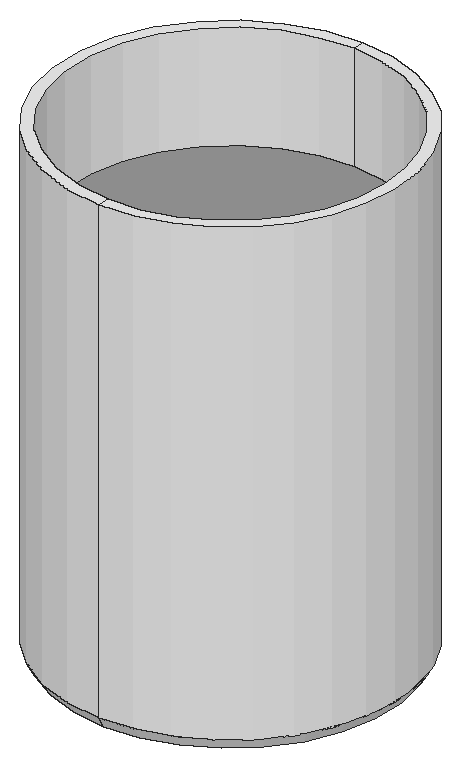
Revit family "Вазон для цветов «Хай-тек»", category Антураж, Revit 2017
Family settings
  На основе рабочей плоскости = Нет
  Всегда вертикально = Да
  При загрузке вырезать с полостями = Нет
  Источник визуального образа = Геометрия семейства
  Общий = Нет
  Точка расчета площади = Нет
Parameters (values of type "Вазон для цветов «Хай-тек» Ø300")
  Стоимость = 4110
  Изготовитель = "ООО \"Хоббика\""
  Высота = 0 mm
  АDSK_Материал вазона = Алюминий
  b = ADSK_Размер_Диаметр - 10 mm  # 140 mm
  URL = "https://hobbyka.ru/product/vazon_dlya_tsvetov_khaytek/?sphrase_id=80084"
  ADSK_Размер_Диаметр = 150 mm
  ADSK_Размер_Высота = 430 mm
  ADSK_Наименование = "Вазон для цветов «Хай-тек»"
  ADSK_Код изделия = "6763"
Types (4, lengths in mm): name | Стоимость | b | ADSK_Размер_Диаметр
  (no name) | 4110 | 140 | 150
  Вазон для цветов «Хай-тек» Ø300 | 4110 | 140 | 150
  Вазон для цветов «Хай-тек» Ø600 | 22640 | 290 | 300
  Вазон для цветов «Хай-тек» Ø400 | 6642 | 190 | 200
Reference planes
  plane 1 "По центру (Вперед/Назад)": y = 0
  plane 2: z = 0
  plane 3 "По центру (Влево/Вправо)": x = 0
Forms (mm)
  Revolve 1, solid, material "Алюминий" <- "АDSK_Материал вазона"
    sketch origin (0, 0, 0) x (0, 1, 0) y (0, 0, 1)
      loop
        line (-144, 0) -> (0, 0) -> (0, 10) -> (-138.338, 10) -> (-140, 12.77) -> (-139.979, 428) -> (-150, 428) -> (-150, 10) -> (-144, 0)
      axis (0, 428) -> (0, 0)
    angle from 0 to 360
  Extrusion 2, solid, material "Земля"
    sketch origin (0, 0, 0) x (1, 0, 0) y (0, 1, 0)
      loop
        circle (0, 0) r 140
    from 10 to 332.041
Dimensions and locks
  "ADSK_Размер_Диаметр": Revolve 1 sketch curve to Revolve 1 sketch curve
  "b": radius of Extrusion 2 sketch curve
  aligned and locked: level to plane 2
Automatic sketch dimensions
  Revolve 1 sketch curve to level = 0 mm
  Revolve 1 sketch curve to plane 1 "По центру (Вперед/Назад)" = 0 mm  (x2)
  Revolve 1 sketch curve to Revolve 1 sketch curve = 6 mm
  level to Revolve 1 sketch curve = 12.77 mm
  Revolve 1 sketch curve to Revolve 1 sketch curve = 10 mm
  level to Revolve 1 sketch curve = 10 mm  (x2)
  Revolve 1 sketch curve to Revolve 1 sketch curve = 1.662 mm
  Revolve 1 sketch curve to Revolve 1 sketch curve = 415.23 mm
  Revolve 1 sketch curve to Revolve 1 sketch curve = 0.021 mm
  Revolve 1 sketch curve to level = 340 mm
  Revolve 1 sketch curve to Revolve 1 sketch curve = 512 mm
  plane 1 "По центру (Вперед/Назад)" to Extrusion 2 sketch curve = 0 mm
  Extrusion 2 sketch curve to plane 3 "По центру (Влево/Вправо)" = 0 mm
